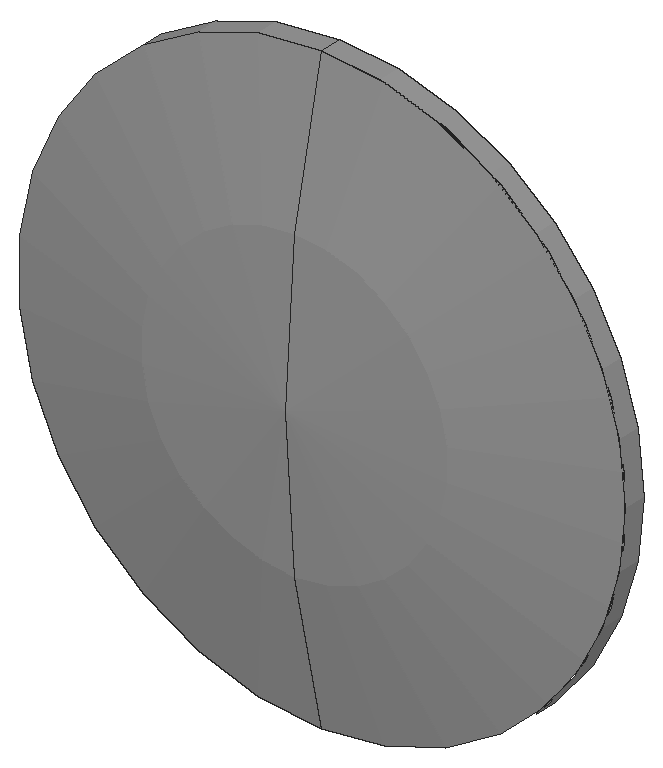
Revit family "Caribou_Elara 1_0", category Lighting Fixtures, Revit 2022
Family settings
  Round Connector Dimension = Use Diameter
  Part Type = Normal
  OmniClass Number = 23.80.70.00
  OmniClass Title = Lighting
  Work Plane-Based = No
  Always vertical = Yes
  Cut with Voids When Loaded = No
  Light Source = Yes
  Maintain Annotation Orientation = No
  Shared = No
  Room Calculation Point = No
Parameters (values of type "Ace Black")
  Wattage = 3.23141 W
  built-in parameter 1150110 = 1 (stored number, unit not read)
  Type Comments = ""
  built-in parameter 1114217 = 1 (stored number, unit not read)
  built-in parameter 1150109 = 1 (stored number, unit not read)
  built-in parameter 1150134 = (empty or 0)
  built-in parameter 1150113 = 1 (stored number, unit not read)
  Sill Height [instance] = 1500 mm
  Model = "Elara 1.0"
  Manufacturer = "Caribou"
  Lumens = 480 lm
  built-in parameter 1150115 = 1 (stored number, unit not read)
  built-in parameter 1150105 = 38.197 (stored number, unit not read)
  Light_Material = Light
  Light Source Symbol Size = 609.6 mm
  built-in parameter 1150137 = (empty or 0)
  built-in parameter 1150139 = (empty or 0)
  built-in parameter 1150112 = 1 (stored number, unit not read)
  built-in parameter 1150114 = 1 (stored number, unit not read)
  built-in parameter 1150132 = 2
  built-in parameter 1150102 = (empty or 0)
  built-in parameter 1150138 = (empty or 0)
  built-in parameter 1150107 = 3000 (stored number, unit not read)
  built-in parameter 1150106 = 0.38197 (stored number, unit not read)
  Finishes = Caribou_Ace Black
  built-in parameter 1150104 = 13.8 (stored number, unit not read)
  Dimming Lamp Color Temperature Shift = <None>
  Description = "Ace Black"
  Default Elevation = 0 mm
  Color Filter = 16777215
  built-in parameter 1114218 = 1 (stored number, unit not read)
  built-in parameter 1150133 = 10 (stored number, unit not read)
Types (2, lengths in mm): name | Finishes | Description
  Flat White | Caribou_Flat White | "Flat White"
  Ace Black | Caribou_Ace Black | "Ace Black"
Reference planes
  plane 1 "Light Source Axis (F/B)": y = 0
  plane 2: z = 0
  plane 3 "Light Source Axis (L/R)": x = 0
  plane 4 "Light Source Elevation": z = 1500
Forms (mm)
  Extrusion 1, solid, material "Caribou_Ace Black" <- "Finishes"
    sketch origin (0, 0, 0) x (1, 0, 0) y (0, 0, 1)
      loop
        circle (0, 1500) r 40
    from 0 to 25
  Revolve 2, solid, material "Caribou_Ace Black" <- "Finishes"
    sketch origin (0, 0, 0) x (0, 1, 0) y (0, 0, 1)
      loop
        line (-25, 1567.5) -> (-30, 1567.5)
        arc (-30, 1567.5) -> (-37.486, 1534.118) -> (-40, 1500) r 232.813
        line (-40, 1500) -> (-25, 1500) -> (-25, 1567.5)
      axis (-25, 1500) -> (-40, 1500)
    angle from 0 to 360
Dimensions and locks
  "Sill Height": plane 4 "Light Source Elevation" to plane 2
  aligned and locked: plane 3 "Light Source Axis (L/R)" to imposter light
  aligned and locked: plane 1 "Light Source Axis (F/B)" to imposter light
  aligned and locked: plane 4 "Light Source Elevation" to imposter light
  aligned and locked: level to plane 2
Automatic sketch dimensions
  Extrusion 1 sketch curve to plane 3 "Light Source Axis (L/R)" = 0 mm
  Extrusion 1 sketch curve to plane 4 "Light Source Elevation" = 0 mm
  plane 4 "Light Source Elevation" to Revolve 2 sketch curve = 0 mm  (x2)
  plane 1 "Light Source Axis (F/B)" to Revolve 2 sketch curve = 40 mm
  plane 1 "Light Source Axis (F/B)" to Revolve 2 sketch curve = 25 mm
  Revolve 2 sketch curve to Revolve 2 sketch curve = 67.5 mm
  Revolve 2 sketch curve to Revolve 2 sketch curve = 40 mm
  Revolve 2 sketch curve to Revolve 2 sketch curve = 5 mm  (x2)
  radius of Extrusion 1 sketch curve = 40 mm
